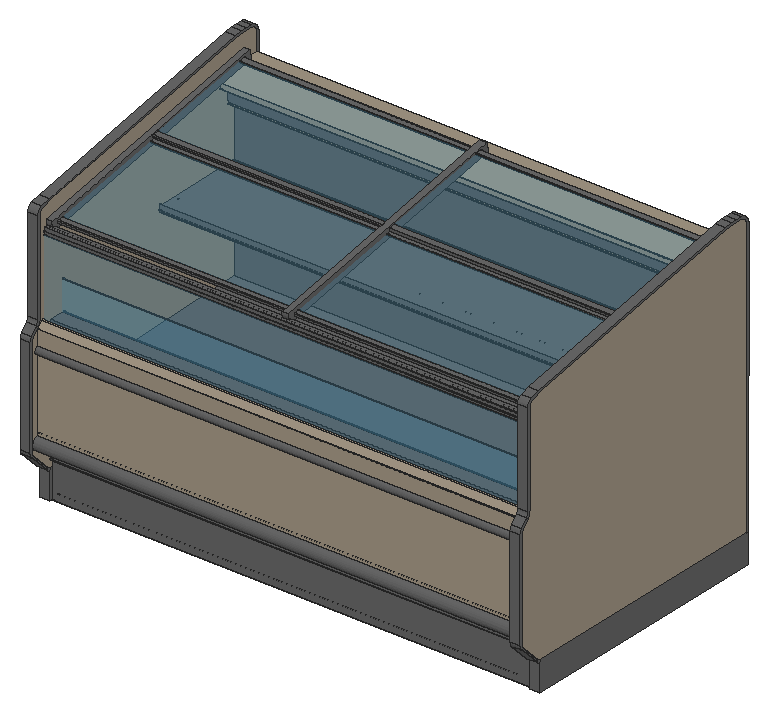
Revit family "O2DMZD - Linked Data", category Mechanical Equipment, Revit 2019
Family settings
  Round Connector Dimension = Use Radius
  Part Type = Breaks Into
  OmniClass Number = 23.40.40.11.17
  OmniClass Title = Refrigerated Cases
  Work Plane-Based = Yes
  Always vertical = No
  Cut with Voids When Loaded = No
  Shared = Yes
  Room Calculation Point = No
Parameters (values of type "06'")
  door position = 0"
  Width = 41 7/8"  # constant formula
  URL = "http://www.hillphoenix.com/?s=o2dmzd"
  Standard Power Watts = 14.3 W
  Standard Power Amps = 0.12 A
  Refgn = 22 1/2"
  RT STD END = yes
  REFRIGERATION PIPING = COPPER PIPE
  RUBBER BUMPER [instance] = BLACK
  PAINTED METAL UPPER SHELF = PAINTED SHELVES
  PAINTED METAL INTERIOR [instance] = GALVANIZED STEEL
  PAINTED METAL EXTERIOR [instance] = CHARCOAL BROWN
  Number of Fans = 2
  Model = "O2DMZD - 5 BF"  # constant formula
  Manufacturer = "HILL PHOENIX"  # constant formula
  Lights Per Row = 1
  Light Length = 60"
  Length = 72"
  Legend Number = Model  # "O2DMZD - 5 BF"
  LF STD END = yes
  Keynote = ""  # constant formula
  Item Description = Description  # "Multi-Deck Merchandiser"
  Island Superheat @ Bulb Set Point (°F) = "3-5 °F"  # constant formula
  Island Run-Off Time (Min) = "8-10 (Min)"  # constant formula
  Island Hot Gas Termination Temp (F°) = 60 °F  # constant formula
  Island Hot Gas Fail-Safe (Min) = "30 (Min)"  # constant formula
  Island Evaporator (°F) = -17 °F
  Island Electric Termination Temp (F°) = 48 °F  # constant formula
  Island Electric Fail-Safe = "45 (Min)"  # constant formula
  Island Discharge Air(°F) = -1 °F
  Island Discharge Air Velocity (FPM) = 50 FPM  # constant formula
  Island BTUH Parallel = 210  # constant formula
  Island BTUH Conventional = 215  # constant formula
  How Many Defrosts Per Day = 1  # constant formula
  High Power (Cornice) Watts = 26.3 W
  High Power (Cornice) Amps = 0.22 A
  High Efficiency Watts = 22 W
  High Efficiency Amps = 0.3 A
  Height = 43 1/2"  # constant formula
  GLASS = Glass
  EQUIPMENT MARK = Legend Number  # "O2DMZD - 5 BF"
  EQUIPMENT DESCRIPTION = Item Description  # "Multi-Deck Merchandiser"
  Door = O2DMZD - 6' : 4'
  Description = "Multi-Deck Merchandiser"  # constant formula
  Defrost (Phase 3) 240 V Watts = 2400 W
  Defrost (Phase 3) 240 V Amps = 10 A
  Defrost (Phase 3) 208 V Watts = 1800 W
  Defrost (Phase 3) 208 V Amps = 8.7 A
  Defrost (Phase 1) 240 V Watts = 2400 W
  Defrost (Phase 1) 240 V Amps = 10 A
  Defrost (Phase 1) 208 V Watts = 1800 W
  Defrost (Phase 1) 208 V Amps = 807 A
  Default Elevation = 48"
  DRAIN PIPING = yes
  DRAIN LINE = 36"
  DESIGNERS NAME = "SHIDDRAMESH"  # constant formula
  DATE = "03/29/2016"  # constant formula
  Certifications = "NSF 7, UL471, CSA"  # constant formula
  CENTER LINE = Length / 2  # 36"
  BOTTOM REFRIGERATION PIPING = yes
  BOTTOM ELECTRICAL = yes
  BASE [instance] = BLACK PAINTED METAL
  Assembly Code = ""
  Anti-Condensate Heaters Watts = 44 W
  Anti-Condensate Heaters Amps = 0.37 A
  14" Shelf = yes
Reference planes (in)
  plane 1: z = 0.01963
  plane 2 "LEFT": x = 0
  plane 3 "CASE RIGHT": x = 72
  plane 4: z = 0
  plane 5: y = -15.80744
  plane 6: x = 73.5
  plane 7: x = 36
  plane 8: y = -57.68244
  plane 9: z = 43.5
  plane 10: x = 72
  plane 11: y = -14.70588
  plane 12: x = 73.5
  plane 13: x = 36
  plane 14: y = 27.16912
  plane 15: z = 43.5
  plane 16: z = 40.25
  plane 17: through (-240, -54.44085, 39.68014) normal (0, 0.9883, 0.1523)
Forms (in)
  Extrusion 1, solid, material "BLACK PAINTED METAL" <- "BASE"
    sketch origin (0, 0.109, 0) x (0, 1, 0) y (0, 0, 1)
      loop
        line (-15.80744, 0.98) -> (-15.91644, 0.98) -> (-15.91644, 0.203)
        arc (-15.91644, 0.203) -> (-15.94397, 0.13653) -> (-16.01044, 0.109) r 0.094
        line (-16.01044, 0.109) -> (-17.38494, 0.109)
        arc (-17.38494, 0.109) -> (-17.45141, 0.13653) -> (-17.47894, 0.203) r 0.094
        line (-17.47894, 0.203) -> (-17.47894, 0.9805) -> (-17.58794, 0.9805) -> (-17.58794, 0.203)
        arc (-17.58794, 0.203) -> (-17.52848, 0.05946) -> (-17.38494, 0) r 0.203
        line (-17.38494, 0) -> (-16.01044, 0)
        arc (-16.01044, 0) -> (-15.8669, 0.05946) -> (-15.80744, 0.203) r 0.203
        line (-15.80744, 0.203) -> (-15.80744, 0.98)
      loop
        line (-46.77544, 0.98) -> (-46.77544, 0.203)
        arc (-46.77544, 0.203) -> (-46.71598, 0.05946) -> (-46.57244, 0) r 0.203
        line (-46.57244, 0) -> (-45.14716, 0)
        arc (-45.14716, 0) -> (-45.00361, 0.05946) -> (-44.94416, 0.203) r 0.203
        line (-44.94416, 0.203) -> (-44.94416, 0.9805) -> (-45.05316, 0.9805) -> (-45.05316, 0.203)
        arc (-45.05316, 0.203) -> (-45.08069, 0.13653) -> (-45.14716, 0.109) r 0.094
        line (-45.14716, 0.109) -> (-46.57244, 0.109)
        arc (-46.57244, 0.109) -> (-46.63891, 0.13653) -> (-46.66644, 0.203) r 0.094
        line (-46.66644, 0.203) -> (-46.66644, 0.98) -> (-46.77544, 0.98)
    from 0 to 72
  Extrusion 2, solid, material "BLACK PAINTED METAL" <- "BASE"
    sketch origin (0, 0, 0) x (0, 1, 0) y (0, 0, 1)
      loop
        line (-15.80744, 0.203) -> (-15.80744, 5.138) -> (-46.55744, 5.138) -> (-46.55744, 0.203)
        arc (-46.55744, 0.203) -> (-46.52991, 0.13653) -> (-46.46344, 0.109) r 0.094
        line (-46.46344, 0.109) -> (-44.94416, 0.109) -> (-44.94416, 3.76525) -> (-17.36994, 3.76525) -> (-17.36994, 0.109) -> (-15.90144, 0.109)
        arc (-15.90144, 0.109) -> (-15.83497, 0.13653) -> (-15.80744, 0.203) r 0.094
    from 0 to 72
  Extrusion 3, solid, material "BLACK PAINTED METAL" <- "BASE"
    sketch origin (0, 0, 0) x (0, 1, 0) y (0, 0, 1)
      loop
        line (-46.55744, 5.09418) -> (-52.82032, 5.09418)
        arc (-52.82032, 5.09418) -> (-52.98131, 5.03146) -> (-53.05744, 4.87636) r 0.23797
        line (-53.05744, 4.87636) -> (-53.05744, 0.46967)
        arc (-53.05744, 0.46967) -> (-52.99548, 0.34715) -> (-52.86735, 0.29781) r 0.19105
        line (-52.86735, 0.29781) -> (-50.14504, 0.29781) -> (-46.55744, 1.28229) -> (-46.55744, 5.09418)
    from 0 to 72
  Extrusion 4, solid, material "BLACK PAINTED METAL" <- "BASE"
    sketch origin (0, 0, 0) x (0, 1, 0) y (0, 0, 1)
      loop
        arc (-53.31125, 0) -> (-53.29625, 0.015) -> (-53.31125, 0.03) r 0.015
        line (-53.31125, 0.03) -> (-53.98619, 0.03)
        arc (-53.98619, 0.03) -> (-54.00829, 0.03915) -> (-54.01744, 0.06125) r 0.03125
        line (-54.01744, 0.06125) -> (-53.97744, 0.06125) -> (-53.97744, 7.92275)
        arc (-53.97744, 7.92275) -> (-54.00438, 7.9878) -> (-54.06944, 8.01475) r 0.092
        line (-54.06944, 8.01475) -> (-54.32369, 8.01475)
        arc (-54.32369, 8.01475) -> (-54.36788, 8.03306) -> (-54.38619, 8.07725) r 0.0625
        line (-54.38619, 8.07725) -> (-54.38619, 8.41573) -> (-54.44619, 8.46417) -> (-54.44619, 5.63925)
        arc (-54.44619, 5.63925) -> (-54.41619, 5.60925) -> (-54.38619, 5.63925) r 0.03
        line (-54.38619, 5.63925) -> (-54.38619, 6.0155) -> (-54.41547, 6.0324) -> (-54.41519, 8.07725)
        arc (-54.41519, 8.07725) -> (-54.38839, 8.01255) -> (-54.32369, 7.98575) r 0.0915
        line (-54.32369, 7.98575) -> (-54.06944, 7.98575)
        arc (-54.06944, 7.98575) -> (-54.02489, 7.9673) -> (-54.00644, 7.92275) r 0.063
        line (-54.00644, 7.92275) -> (-54.00644, 6.52448)
        arc (-54.00644, 6.52448) -> (-54.03497, 6.51679) -> (-54.04744, 6.49) r 0.035
        line (-54.04744, 6.49) -> (-54.04744, 0.06125)
        arc (-54.04744, 0.06125) -> (-54.0295, 0.01794) -> (-53.98619, 0) r 0.06125
        line (-53.98619, 0) -> (-53.31125, 0)
    from 0 to 72
  Extrusion 5, solid, material "BLACK PAINTED METAL" <- "BASE"
    sketch origin (0, 0.0625, 0) x (0, 1, 0) y (0, 0, 1)
      loop
        line (-56.81834, 7.90742) -> (-56.81834, 9.88603)
        arc (-56.81834, 9.88603) -> (-57.75135, 8.89672) -> (-56.81834, 7.90742) r 0.991
    from 0 to 72
  Extrusion 6, solid, material "CHARCOAL BROWN" <- "PAINTED METAL EXTERIOR"
    sketch origin (0, 0, 0) x (0, 1, 0) y (0, 0, 1)
      loop
        arc (-55.84843, 25.04463) -> (-55.89254, 25.10763) -> (-55.96682, 25.08773) r 0.06704
        line (-55.96682, 25.08773) -> (-56.7418, 24.16414)
        arc (-56.7418, 24.16414) -> (-56.75222, 24.1461) -> (-56.75584, 24.12558) r 0.06
        line (-56.75584, 24.12558) -> (-56.75584, 7.89465) -> (-55.65784, 7.89465)
        arc (-55.65784, 7.89465) -> (-55.61188, 7.91369) -> (-55.59284, 7.95965) r 0.065
        line (-55.59284, 7.95965) -> (-55.59284, 8.17865) -> (-55.62684, 8.17865) -> (-55.62684, 7.95965)
        arc (-55.62684, 7.95965) -> (-55.63592, 7.93773) -> (-55.65784, 7.92865) r 0.031
        line (-55.65784, 7.92865) -> (-56.61284, 7.92865) -> (-56.61284, 10.10165)
        arc (-56.61284, 10.10165) -> (-56.60376, 10.12357) -> (-56.58184, 10.13265) r 0.031
        line (-56.58184, 10.13265) -> (-56.45484, 10.13265)
        arc (-56.45484, 10.13265) -> (-56.40039, 10.15521) -> (-56.37784, 10.20965) r 0.077
        line (-56.37784, 10.20965) -> (-56.37784, 23.79107) -> (-55.84855, 23.79102) -> (-55.84843, 25.04463)
    from 0 to 72
  Extrusion 7, solid, material "BLACK PAINTED METAL" <- "BASE"
    sketch origin (0, 0, 0) x (0, 1, 0) y (0, 0, 1)
      loop
        arc (-56.75584, 21.94794) -> (-57.28184, 21.39369) -> (-56.75584, 20.83945) r 0.555
        line (-56.75584, 20.83945) -> (-56.75584, 21.94794)
    from 0 to 72
  Extrusion 8, solid, material "Glass" <- "GLASS"
    sketch origin (0, 0, 0) x (0, 1, 0) y (0, 0, 1)
      loop
        line (-54.57809, 36.8536) -> (-55.42984, 36.85368)
        arc (-55.42984, 36.85368) -> (-55.48428, 36.83113) -> (-55.50684, 36.77669) r 0.077
        line (-55.50684, 36.77669) -> (-55.50809, 23.79099) -> (-54.50234, 23.79089) -> (-54.5011, 36.77659)
        arc (-54.5011, 36.77659) -> (-54.52364, 36.83104) -> (-54.57809, 36.8536) r 0.077
    from 0 to 72
  Extrusion 9, solid, material "CHARCOAL BROWN" <- "PAINTED METAL EXTERIOR"
    sketch origin (0, 0, 0) x (0, 1, 0) y (0, 0, 1)
      loop
        line (-56.37784, 23.79107) -> (-56.37784, 15.4392) -> (-54.27567, 15.4392) -> (-54.27486, 23.79087) -> (-56.37784, 23.79107)
    from 0 to 72
  Extrusion 10, solid, material "CHARCOAL BROWN" <- "PAINTED METAL EXTERIOR"
    sketch origin (0, 0, 0) x (0, 1, 0) y (0, 0, 1)
      loop
        line (-54.27585, 13.51894) -> (-54.27567, 15.4392) -> (-56.37784, 15.4392) -> (-56.37784, 10.02373) -> (-50.32642, 5.138) -> (-15.80744, 5.138) -> (-15.80744, 42.301) -> (-16.25987, 42.30106) -> (-16.25985, 42.45731) -> (-17.92385, 42.4575) -> (-17.92715, 14.74476)
        arc (-17.92715, 14.74476) -> (-19.45224, 10.33757) -> (-23.67991, 8.36881) r 5.975
        line (-23.67991, 8.36881) -> (-41.15524, 7.75855) -> (-42.88756, 6.50015) -> (-42.96447, 6.49746) -> (-43.48337, 6.19788) -> (-45.85837, 6.19788) -> (-46.18262, 6.38508) -> (-46.26664, 6.38215) -> (-48.31664, 7.51854)
        arc (-48.31664, 7.51854) -> (-52.52931, 9.29244) -> (-54.27002, 13.51893) r 6
    from 0 to 72
  Extrusion 11, solid, material "BLACK PAINTED METAL" <- "BASE"
    sketch origin (0, 0, 0) x (0, 1, 0) y (0, 0, 1)
      loop
        line (-54.27585, 13.51894) -> (-54.2748, 24.46359) -> (-52.19353, 24.46364) -> (-52.19353, 15.44966)
        arc (-52.19353, 15.44966) -> (-52.11367, 15.28647) -> (-51.94442, 15.22044) r 0.25
        line (-51.94442, 15.22044) -> (-51.07542, 15.22036)
        arc (-51.07542, 15.22036) -> (-51.01814, 15.19663) -> (-50.99442, 15.13935) r 0.081
        line (-50.99442, 15.13935) -> (-50.99451, 14.28147) -> (-19.92951, 15.24717) -> (-19.92969, 14.49683) -> (-17.91548, 14.49635)
        arc (-17.91548, 14.49635) -> (-19.5365, 10.24612) -> (-23.67991, 8.36881) r 5.975
        line (-23.67991, 8.36881) -> (-41.15524, 7.75855) -> (-42.88756, 6.50015) -> (-42.96447, 6.49746) -> (-43.48337, 6.19788) -> (-45.85837, 6.19788) -> (-46.18262, 6.38508) -> (-46.26664, 6.38215) -> (-48.31664, 7.51854)
        arc (-48.31664, 7.51854) -> (-52.52931, 9.29244) -> (-54.27002, 13.51893) r 6
    from 0 to 72
  Extrusion 12, solid, material "BLACK PAINTED METAL" <- "BASE"
    sketch origin (0, 0, 0) x (0, 1, 0) y (0, 0, 1)
      loop
        line (-19.92398, 38.47058) -> (-19.92398, 14.49683) -> (-17.92718, 14.49636) -> (-17.92433, 38.47022) -> (-19.92398, 38.47058)
    from 0 to 72
  Extrusion 13, solid, material "CHARCOAL BROWN" <- "PAINTED METAL EXTERIOR"
    sketch origin (0, 0, 0) x (0, 1, 0) y (0, 0, 1)
      loop
        line (-17.92433, 38.47022) -> (-17.92385, 42.4575) -> (-16.25985, 42.45731) -> (-16.25987, 42.30106) -> (-15.80744, 42.301) -> (-15.80744, 43.5) -> (-19.03098, 43.5) -> (-22.5255, 42.2281)
        arc (-22.5255, 42.2281) -> (-22.55413, 42.20613) -> (-22.56498, 42.17172) r 0.06
        line (-22.56498, 42.17172) -> (-22.56498, 41.44318)
        arc (-22.56498, 41.44318) -> (-22.5474, 41.40075) -> (-22.50498, 41.38318) r 0.06
        line (-22.50498, 41.38318) -> (-22.12748, 41.38318) -> (-22.12748, 41.45061) -> (-21.35486, 41.45052) -> (-21.3802, 41.65728) -> (-20.44966, 41.77131) -> (-20.08476, 38.79359) -> (-20.98453, 38.68333)
        arc (-20.98453, 38.68333) -> (-21.00739, 38.68967) -> (-21.01907, 38.71033) r 0.031
        line (-21.01907, 38.71033) -> (-21.0613, 39.05497) -> (-21.08617, 39.01946) -> (-21.04785, 38.7068)
        arc (-21.04785, 38.7068) -> (-21.02525, 38.66683) -> (-20.981, 38.65454) r 0.06
        line (-20.981, 38.65454) -> (-19.92391, 38.78408) -> (-19.92398, 38.47058) -> (-17.92433, 38.47022)
    from 0 to 72
  Extrusion 14, solid
    sketch origin (0, 0, 0) x (0, 1, 0) y (0, 0, 1)
      loop
        line (-52.19381, 21.46363) -> (-52.14381, 21.46362) -> (-52.14373, 22.38262)
        arc (-52.14373, 22.38262) -> (-52.13464, 22.40454) -> (-52.11272, 22.41362) r 0.031
        line (-52.11272, 22.41362) -> (-51.89972, 22.4136)
        arc (-51.89972, 22.4136) -> (-51.84245, 22.43732) -> (-51.81872, 22.49459) r 0.081
        line (-51.81872, 22.49459) -> (-51.81853, 24.41359)
        arc (-51.81853, 24.41359) -> (-51.86853, 24.46359) -> (-51.91853, 24.4136) r 0.05
        line (-51.91853, 24.4136) -> (-51.91872, 22.4636) -> (-52.11272, 22.46362)
        arc (-52.11272, 22.46362) -> (-52.17, 22.4399) -> (-52.19373, 22.38263) r 0.081
        line (-52.19373, 22.38263) -> (-52.19381, 21.46363)
    from 0 to 72
  Extrusion 15, solid, material "Glass" <- "GLASS"
    sketch origin (0, 0, 0) x (0, 1, 0) y (0, 0, 1)
      loop
        line (-52.16785, 28.83863) -> (-52.16872, 22.46362) -> (-51.91883, 22.4636) -> (-51.91785, 28.83859)
        arc (-51.91785, 28.83859) -> (-52.04284, 28.96361) -> (-52.16785, 28.83863) r 0.125
    from 0 to 72
  Extrusion 16, solid, material "BLACK PAINTED METAL" <- "BASE"
    sketch origin (0, 0, 0) x (0, 1, 0) y (0, 0, 1)
      loop
        line (-21.3802, 41.65728) -> (-21.0153, 38.67956) -> (-20.08476, 38.79359) -> (-20.44966, 41.77131) -> (-21.3802, 41.65728)
    from 0 to 72
  Extrusion 17, solid, material "BLACK PAINTED METAL" <- "BASE", visible <- "14" Shelf"
    sketch origin (0, 0, 0) x (0, 1, 0) y (0, 0, 1)
      loop
        line (-19.9258, 30.85864) -> (-20.27891, 30.85371)
        arc (-20.27891, 30.85371) -> (-20.30159, 30.87399) -> (-20.33119, 30.88105) r 0.062
        line (-20.33119, 30.88105) -> (-33.67499, 30.69477)
        arc (-33.67499, 30.69477) -> (-33.81719, 30.75705) -> (-33.86371, 30.90515) r 0.1875
        arc (-33.86371, 30.90515) -> (-33.89272, 30.94006) -> (-33.92578, 30.90896) r 0.03116
        line (-33.92578, 30.90896) -> (-33.92578, 29.97198)
        arc (-33.92578, 29.97198) -> (-33.8675, 29.90882) -> (-33.79987, 29.96185) r 0.06337
        line (-33.79987, 29.96185) -> (-33.78962, 30.02513) -> (-33.82022, 30.03009) -> (-33.83029, 29.9679)
        arc (-33.83029, 29.9679) -> (-33.86316, 29.94194) -> (-33.89189, 29.97242) r 0.031
        line (-33.89189, 29.97242) -> (-33.89453, 30.16116)
        arc (-33.89453, 30.16116) -> (-33.8756, 30.11722) -> (-33.83116, 30.09953) r 0.0625
        line (-33.83116, 30.09953) -> (-30.55991, 30.1452)
        arc (-30.55991, 30.1452) -> (-30.50231, 30.12228) -> (-30.47779, 30.06534) r 0.081
        line (-30.47779, 30.06534) -> (-30.46906, 29.43993)
        arc (-30.46906, 29.43993) -> (-30.43171, 29.34743) -> (-30.34178, 29.30427) r 0.138
        line (-30.34178, 29.30427) -> (-24.05725, 28.81528)
        arc (-24.05725, 28.81528) -> (-23.34486, 28.65283) -> (-22.70978, 28.2915) r 2.502
        line (-22.70978, 28.2915) -> (-21.19978, 27.1103)
        arc (-21.19978, 27.1103) -> (-20.90319, 26.95043) -> (-20.57032, 26.89825) r 0.999
        line (-20.57032, 26.89825) -> (-19.92674, 26.90724) -> (-19.9258, 30.85864)
    from 0 to 72
  Extrusion 18, solid, material "BLACK PAINTED METAL" <- "BASE"
    sketch origin (0, 0, 0) x (0, 1, 0) y (0, 0, 1)
      loop
        line (-54.62679, 37.375) -> (-55.50361, 37.375)
        arc (-55.50361, 37.375) -> (-55.54808, 37.35862) -> (-55.56679, 37.31509) r 0.06
        line (-55.56679, 37.31509) -> (-55.56684, 36.85775)
        arc (-55.56684, 36.85775) -> (-55.58844, 36.82491) -> (-55.59467, 36.78609) r 0.0937
        line (-55.59467, 36.78609) -> (-55.56685, 36.25425)
        arc (-55.56685, 36.25425) -> (-55.53611, 36.22583) -> (-55.50689, 36.25582) r 0.03
        line (-55.50689, 36.25582) -> (-55.50684, 36.77669)
        arc (-55.50684, 36.77669) -> (-55.48621, 36.82914) -> (-55.43538, 36.85348) r 0.077
        line (-55.43538, 36.85348) -> (-54.50109, 36.85339)
        arc (-54.50109, 36.85339) -> (-54.45575, 36.83391) -> (-54.43868, 36.78761) r 0.0625
        line (-54.43868, 36.78761) -> (-54.4649, 36.2883) -> (-54.43374, 36.28667) -> (-54.40752, 36.78598)
        arc (-54.40752, 36.78598) -> (-54.43312, 36.85538) -> (-54.50109, 36.88459) r 0.0937
        line (-54.50109, 36.88459) -> (-54.56683, 36.8846) -> (-54.56679, 37.31499)
        arc (-54.56679, 37.31499) -> (-54.58436, 37.35742) -> (-54.62679, 37.375) r 0.06
    from 0 to 72
  Extrusion 19, solid, material "BLACK PAINTED METAL" <- "BASE", visible <- "LF STD END"
    sketch origin (0, 0, 0) x (0, 1, 0) y (0, 0, 1)
      loop
        line (-54.29344, 4.43878) -> (-54.29344, 0) -> (-15.25666, 0) -> (-15.25666, 4.43878) -> (-54.29344, 4.43878)
    from 0 to -1.5
  Extrusion 20, solid, material "BLACK PAINTED METAL" <- "BASE", visible <- "RT STD END"
    sketch origin (166, 0, 0) x (0, 1, 0) y (0, 0, 1)
      loop
        line (-54.29344, 4.43878) -> (-54.29344, 0) -> (-15.25666, 0) -> (-15.25666, 4.43878) -> (-54.29344, 4.43878)
    from -92.5 to -94
  Extrusion 21, void
    sketch origin (0, 0, 0) x (1, 0, 0) y (0, 1, 0)
      loop
        circle (36, -44.68244) r 2
    from 3.76525 to 5.138
  Extrusion 22, void
    sketch origin (0, 0, 0) x (1, 0, 0) y (0, 1, 0)
      loop
        circle (39.25, -44.68244) r 2
    from 3.76525 to 5.138
  Extrusion 23, solid, visible <- "BOTTOM ELECTRICAL"
    sketch origin (0, 0, 0) x (1, 0, 0) y (0, 1, 0)
      loop
        line (8.125, -32.18244) -> (8.125, -46.04144) -> (28.125, -46.04144) -> (28.125, -32.18244) -> (8.125, -32.18244)
    from 3.76525 to 3.51525
  Extrusion 24, solid, material "COPPER PIPE" <- "REFRIGERATION PIPING", visible <- "DRAIN PIPING"
    sketch origin (0, 0, 0) x (1, 0, 0) y (0, 1, 0)
      loop
        circle (36, -44.68244) r 1.5
    from 3.76525 to 5.138
  Extrusion 25, solid, material "COPPER PIPE" <- "REFRIGERATION PIPING", visible <- "BOTTOM REFRIGERATION PIPING"
    sketch origin (0, 0, 0) x (1, 0, 0) y (0, 1, 0)
      loop
        circle (38.16559, -44.68244) r 0.375
      loop
        circle (40.16559, -44.68244) r 0.5
    from 3.76525 to 5.138
  Extrusion 26, solid
    sketch origin (0, 0, 0) x (0, 1, 0) y (0, 0, 1)
      loop
        line (-53.05744, 7.34294) -> (-53.97744, 8.08572) -> (-53.97744, 0.03131) -> (-53.29622, 0.03131) -> (-53.29622, 0) -> (-53.05744, 0) -> (-53.05744, 7.34294)
    from 0 to 72 <- "Length"
  Extrusion 27, solid, material "BLACK PAINTED METAL" <- "BASE", visible <- "LF STD END"
    sketch origin (0, 0, 0) x (0, 1, 0) y (0, 0, 1)
      loop
        line (-15.55744, 46.09729) -> (-15.55744, 4.43878) -> (-15.25666, 4.43878) -> (-15.25666, 46.09729)
        arc (-15.25666, 46.09729) -> (-15.63765, 47.01708) -> (-16.55744, 47.39807) r 1.30078
        line (-16.55744, 47.39807) -> (-17.38386, 47.39807)
        arc (-17.38386, 47.39807) -> (-17.83308, 47.3768) -> (-18.27827, 47.31317) r 4.7534
        arc (-18.27827, 47.31317) -> (-18.87317, 47.25121) -> (-19.46399, 47.15807) r 11.37502
        line (-19.46399, 47.15807) -> (-54.45811, 40.69424)
        arc (-54.45811, 40.69424) -> (-55.14398, 40.47205) -> (-55.82894, 40.24707) r 176.60143
        arc (-55.82894, 40.24707) -> (-56.37483, 39.92171) -> (-56.61444, 39.33312) r 1
        line (-56.61444, 39.33312) -> (-56.61444, 25.2865)
        arc (-56.61444, 25.2865) -> (-56.67475, 24.94448) -> (-56.84839, 24.64372) r 1
        line (-56.84839, 24.64372) -> (-57.79148, 23.51979)
        arc (-57.79148, 23.51979) -> (-57.96513, 23.21902) -> (-58.02544, 22.877) r 1
        line (-58.02544, 22.877) -> (-58.02544, 7.922)
        arc (-58.02544, 7.922) -> (-57.95094, 7.54325) -> (-57.73854, 7.22094) r 1
        line (-57.73854, 7.22094) -> (-54.94501, 4.37941)
        arc (-54.94501, 4.37941) -> (-54.64087, 4.20029) -> (-54.29344, 4.138) r 1
        line (-54.29344, 4.138) -> (-54.29344, 4.43878)
        arc (-54.29344, 4.43878) -> (-54.53094, 4.48035) -> (-54.7402, 4.60013) r 0.69922
        line (-54.7402, 4.60013) -> (-57.52405, 7.43181)
        arc (-57.52405, 7.43181) -> (-57.67257, 7.65717) -> (-57.72466, 7.922) r 0.69922
        line (-57.72466, 7.922) -> (-57.72466, 22.877)
        arc (-57.72466, 22.877) -> (-57.68249, 23.11615) -> (-57.56107, 23.32645) r 0.69922
        line (-57.56107, 23.32645) -> (-56.61798, 24.45038)
        arc (-56.61798, 24.45038) -> (-56.3921, 24.84161) -> (-56.31366, 25.2865) r 1.30078
        line (-56.31366, 25.2865) -> (-56.31366, 39.32276)
        arc (-56.31366, 39.32276) -> (-56.13911, 39.73436) -> (-55.75088, 39.95608) r 0.69922
        arc (-55.75088, 39.95608) -> (-54.87833, 40.24223) -> (-54.00431, 40.52383) r 176.30065
        line (-54.00431, 40.52383) -> (-19.41858, 46.91223)
        arc (-19.41858, 46.91223) -> (-18.41244, 47.05093) -> (-17.39784, 47.09729) r 11.12502
        line (-17.39784, 47.09729) -> (-16.55744, 47.09729)
        arc (-16.55744, 47.09729) -> (-15.85033, 46.8044) -> (-15.55744, 46.09729) r 1
    from 0 to -1.5
  Extrusion 28, solid, material "CHARCOAL BROWN" <- "PAINTED METAL EXTERIOR", visible <- "LF STD END"
    sketch origin (0, 0, 0) x (0, 1, 0) y (0, 0, 1)
      loop
        arc (-15.55744, 46.09729) -> (-15.85033, 46.8044) -> (-16.55744, 47.09729) r 1
        line (-16.55744, 47.09729) -> (-17.39784, 47.09729)
        arc (-17.39784, 47.09729) -> (-18.41244, 47.05093) -> (-19.41858, 46.91223) r 11.12502
        line (-19.41858, 46.91223) -> (-54.00431, 40.52383)
        arc (-54.00431, 40.52383) -> (-54.87833, 40.24223) -> (-55.75088, 39.95608) r 176.30065
        arc (-55.75088, 39.95608) -> (-56.13911, 39.73436) -> (-56.31366, 39.32276) r 0.69922
        line (-56.31366, 39.32276) -> (-56.31366, 25.2865)
        arc (-56.31366, 25.2865) -> (-56.3921, 24.84161) -> (-56.61798, 24.45038) r 1.30078
        line (-56.61798, 24.45038) -> (-57.56107, 23.32645)
        arc (-57.56107, 23.32645) -> (-57.68249, 23.11615) -> (-57.72466, 22.877) r 0.69922
        line (-57.72466, 22.877) -> (-57.72466, 7.922)
        arc (-57.72466, 7.922) -> (-57.67257, 7.65717) -> (-57.52405, 7.43181) r 0.69922
        line (-57.52405, 7.43181) -> (-54.7402, 4.60013)
        arc (-54.7402, 4.60013) -> (-54.53094, 4.48035) -> (-54.29344, 4.43878) r 0.69922
        line (-54.29344, 4.43878) -> (-15.55744, 4.43878) -> (-15.55744, 46.09729)
    from 0 to -1.5
  Extrusion 29, solid, material "BLACK PAINTED METAL" <- "BASE", visible <- "RT STD END"
    sketch origin (166, 0, 0) x (0, 1, 0) y (0, 0, 1)
      loop
        line (-15.55744, 46.09729) -> (-15.55744, 4.43878) -> (-15.25666, 4.43878) -> (-15.25666, 46.09729)
        arc (-15.25666, 46.09729) -> (-15.63765, 47.01708) -> (-16.55744, 47.39807) r 1.30078
        line (-16.55744, 47.39807) -> (-17.38386, 47.39807)
        arc (-17.38386, 47.39807) -> (-17.83308, 47.3768) -> (-18.27827, 47.31317) r 4.7534
        arc (-18.27827, 47.31317) -> (-18.87317, 47.25121) -> (-19.46399, 47.15807) r 11.37502
        line (-19.46399, 47.15807) -> (-54.45811, 40.69424)
        arc (-54.45811, 40.69424) -> (-55.14398, 40.47205) -> (-55.82894, 40.24707) r 176.60143
        arc (-55.82894, 40.24707) -> (-56.37483, 39.92171) -> (-56.61444, 39.33312) r 1
        line (-56.61444, 39.33312) -> (-56.61444, 25.2865)
        arc (-56.61444, 25.2865) -> (-56.67475, 24.94448) -> (-56.84839, 24.64372) r 1
        line (-56.84839, 24.64372) -> (-57.79148, 23.51979)
        arc (-57.79148, 23.51979) -> (-57.96513, 23.21902) -> (-58.02544, 22.877) r 1
        line (-58.02544, 22.877) -> (-58.02544, 7.922)
        arc (-58.02544, 7.922) -> (-57.95094, 7.54325) -> (-57.73854, 7.22094) r 1
        line (-57.73854, 7.22094) -> (-54.94501, 4.37941)
        arc (-54.94501, 4.37941) -> (-54.64087, 4.20029) -> (-54.29344, 4.138) r 1
        line (-54.29344, 4.138) -> (-54.29344, 4.43878)
        arc (-54.29344, 4.43878) -> (-54.53094, 4.48035) -> (-54.7402, 4.60013) r 0.69922
        line (-54.7402, 4.60013) -> (-57.52405, 7.43181)
        arc (-57.52405, 7.43181) -> (-57.67257, 7.65717) -> (-57.72466, 7.922) r 0.69922
        line (-57.72466, 7.922) -> (-57.72466, 22.877)
        arc (-57.72466, 22.877) -> (-57.68249, 23.11615) -> (-57.56107, 23.32645) r 0.69922
        line (-57.56107, 23.32645) -> (-56.61798, 24.45038)
        arc (-56.61798, 24.45038) -> (-56.3921, 24.84161) -> (-56.31366, 25.2865) r 1.30078
        line (-56.31366, 25.2865) -> (-56.31366, 39.32276)
        arc (-56.31366, 39.32276) -> (-56.13911, 39.73436) -> (-55.75088, 39.95608) r 0.69922
        arc (-55.75088, 39.95608) -> (-54.87833, 40.24223) -> (-54.00431, 40.52383) r 176.30065
        line (-54.00431, 40.52383) -> (-19.41858, 46.91223)
        arc (-19.41858, 46.91223) -> (-18.41244, 47.05093) -> (-17.39784, 47.09729) r 11.12502
        line (-17.39784, 47.09729) -> (-16.55744, 47.09729)
        arc (-16.55744, 47.09729) -> (-15.85033, 46.8044) -> (-15.55744, 46.09729) r 1
    from -92.5 to -94
  Extrusion 30, solid, material "CHARCOAL BROWN" <- "PAINTED METAL EXTERIOR", visible <- "RT STD END"
    sketch origin (217, 0, 0) x (0, 1, 0) y (0, 0, 1)
      loop
        arc (-15.55744, 46.09729) -> (-15.85033, 46.8044) -> (-16.55744, 47.09729) r 1
        line (-16.55744, 47.09729) -> (-17.39784, 47.09729)
        arc (-17.39784, 47.09729) -> (-18.41244, 47.05093) -> (-19.41858, 46.91223) r 11.12502
        line (-19.41858, 46.91223) -> (-54.00431, 40.52383)
        arc (-54.00431, 40.52383) -> (-54.87833, 40.24223) -> (-55.75088, 39.95608) r 176.30065
        arc (-55.75088, 39.95608) -> (-56.13911, 39.73436) -> (-56.31366, 39.32276) r 0.69922
        line (-56.31366, 39.32276) -> (-56.31366, 25.2865)
        arc (-56.31366, 25.2865) -> (-56.3921, 24.84161) -> (-56.61798, 24.45038) r 1.30078
        line (-56.61798, 24.45038) -> (-57.56107, 23.32645)
        arc (-57.56107, 23.32645) -> (-57.68249, 23.11615) -> (-57.72466, 22.877) r 0.69922
        line (-57.72466, 22.877) -> (-57.72466, 7.922)
        arc (-57.72466, 7.922) -> (-57.67257, 7.65717) -> (-57.52405, 7.43181) r 0.69922
        line (-57.52405, 7.43181) -> (-54.7402, 4.60013)
        arc (-54.7402, 4.60013) -> (-54.53094, 4.48035) -> (-54.29344, 4.43878) r 0.69922
        line (-54.29344, 4.43878) -> (-15.55744, 4.43878) -> (-15.55744, 46.09729)
    from -143.5 to -145
Cuts and joins
  Extrusion 21, Extrusion 22 cuts Extrusion 1
  Extrusion 21, Extrusion 22 cuts Extrusion 2
Lines and regions (in)
  model lines
    curve 1: circle (36, -44.68045, 0) r 0.75 normal (0, 0, 1)
    curve 2: line (0, -54.67485, 40.19383) -> (0, -19.23991, 46.73908)
    curve 3: arc (0, -18.68393, 46.67999) -> (0, -18.95763, 46.74992) -> (0, -19.23991, 46.73908) r 0.98238
    curve 4: arc (0, -18.30723, 46.40249) -> (0, -18.47882, 46.56399) -> (0, -18.68393, 46.67999) r 0.98238
    curve 5: arc (0, -18.30723, 46.40249) -> (0, -18.02471, 45.7733) -> (0, -18.11054, 45.08894) r 1.27717
    curve 6: arc (0, -55.17303, 39.94001) -> (0, -54.94238, 40.10311) -> (0, -54.67485, 40.19383) r 0.98238
    curve 7: arc (0, -55.42574, 39.54626) -> (0, -55.32317, 39.7584) -> (0, -55.17303, 39.94001) r 0.98238
    curve 8: arc (0, -55.42574, 39.54626) -> (0, -55.46485, 38.85765) -> (0, -55.1402, 38.24912) r 1.27717
Dimensions and locks (in)
  "Length": plane 2 "LEFT" to plane 3 "CASE RIGHT"
  "DRAIN LINE": plane 2 "LEFT" to plane 7
  locked: plane 3 "CASE RIGHT" to plane 6 at 1.5
  "Width": plane 5 to plane 8
  "door position": nested 1 to plane 2 "LEFT"
  locked: plane 10 to plane 12 at 1.5
  "Length": plane 10 to plane 2 "LEFT"
  Extrusion 18 to Extrusion 6 = 12.26333"  (x2)
  plane 2 "LEFT" to plane 3 "CASE RIGHT" = 72"
  locked: Extrusion 29 to Extrusion 29 at 1.5  (x2)
  locked: Extrusion 30 to Extrusion 30 at 1.5  (x2)
  cut or joined group of Extrusion 2, Extrusion 21, Extrusion 22 to Extrusion 19 = 38.486"
  cut or joined group of Extrusion 2, Extrusion 21, Extrusion 22 to cut or joined group of Extrusion 2, Extrusion 21, Extrusion 22 = 30 3/4"
  cut or joined group of Extrusion 2, Extrusion 21, Extrusion 22 to Extrusion 26 = 6 1/2"
  Extrusion 6 to level = 25.11167"
  Extrusion 18 to level = 37 3/8"
  plane 16 to Extrusion 19 = 40 1/4"
  Extrusion 12 to Extrusion 11 = 32 69/256"
  Extrusion 12 to Extrusion 17 = 14.0018"
  Extrusion 11 to Extrusion 13 = 23.22341"
  Extrusion 19 to Extrusion 13 = 43 1/2"
  nested 1 to plane 17 = 18.08825"
  curve 3 to level = 46.75543"
  aligned and locked: Extrusion 10 sketch curve to Extrusion 6
  aligned: plane 6 to Extrusion 11
  aligned and locked: plane 3 "CASE RIGHT" to Extrusion 10
  aligned and locked: plane 3 "CASE RIGHT" to Extrusion 11
  aligned and locked: plane 3 "CASE RIGHT" to Extrusion 2
  aligned and locked: plane 3 "CASE RIGHT" to Extrusion 17
  aligned and locked: plane 3 "CASE RIGHT" to Extrusion 13
  aligned and locked: plane 3 "CASE RIGHT" to Extrusion 16
  aligned and locked: plane 3 "CASE RIGHT" to Extrusion 12
  aligned and locked: plane 3 "CASE RIGHT" to Extrusion 1
  aligned and locked: plane 3 "CASE RIGHT" to Extrusion 3
  aligned and locked: plane 3 "CASE RIGHT" to Extrusion 8
  aligned and locked: plane 3 "CASE RIGHT" to Extrusion 6
  aligned and locked: plane 3 "CASE RIGHT" to Extrusion 5
  aligned and locked: plane 3 "CASE RIGHT" to Extrusion 9
  aligned and locked: plane 3 "CASE RIGHT" to Extrusion 15
  aligned and locked: plane 3 "CASE RIGHT" to Extrusion 4
  aligned and locked: plane 3 "CASE RIGHT" to Extrusion 14
  aligned and locked: plane 3 "CASE RIGHT" to Extrusion 7
  aligned and locked: plane 3 "CASE RIGHT" to Extrusion 18
  aligned and locked: Extrusion 20 to plane 3 "CASE RIGHT"
  aligned and locked: plane 6 to Extrusion 20
  aligned and locked: level to Extrusion 19
  aligned and locked: Extrusion 29 to plane 3 "CASE RIGHT"
  aligned and locked: Extrusion 30 to plane 3 "CASE RIGHT"
Automatic sketch dimensions
  curve 1 to plane 7 = 0"
  curve 1 to plane 8 = 13.00199"
  Extrusion 1 sketch curve to Extrusion 1 sketch curve = 0"  (x8)
  Extrusion 1 sketch curve to level = 0"  (x2)
  plane 1 to Extrusion 1 sketch curve = 0.96037"
  Extrusion 1 sketch curve to plane 8 = 11.016"
  Extrusion 1 sketch curve to Extrusion 1 sketch curve = 0.109"  (x2)
  Extrusion 1 sketch curve to Extrusion 1 sketch curve = 0.094"  (x2)
  plane 1 to Extrusion 1 sketch curve = 0.18337"  (x2)
  Extrusion 1 sketch curve to Extrusion 1 sketch curve = 1.42528"
  plane 5 to Extrusion 1 sketch curve = 1.6715"
  Extrusion 1 sketch curve to plane 11 = 1.19556"
  Extrusion 1 sketch curve to Extrusion 1 sketch curve = 0.777"
  Extrusion 1 sketch curve to Extrusion 1 sketch curve = 0.7775"  (x2)
  Extrusion 2 sketch curve to plane 5 = 0"
  plane 5 to Extrusion 2 sketch curve = 0.094"
  plane 1 to Extrusion 2 sketch curve = 0.08937"  (x2)
  Extrusion 2 sketch curve to Extrusion 2 sketch curve = 1.4685"
  Extrusion 2 sketch curve to plane 8 = 12 189/256"
  plane 1 to Extrusion 2 sketch curve = 0.18337"
  Extrusion 2 sketch curve to Extrusion 2 sketch curve = 1.51928"
  Extrusion 2 sketch curve to Extrusion 2 sketch curve = 3 21/32"
  Extrusion 2 sketch curve to Extrusion 2 sketch curve = 1.37275"
  Extrusion 3 sketch curve to plane 8 = 4 5/8"
  Extrusion 3 sketch curve to Extrusion 3 sketch curve = 0.19008"
  Extrusion 3 sketch curve to Extrusion 3 sketch curve = 0.23712"
  plane 1 to Extrusion 3 sketch curve = 0.27818"
  Extrusion 3 sketch curve to Extrusion 3 sketch curve = 2.72232"
  Extrusion 3 sketch curve to Extrusion 3 sketch curve = 3.5876"
  Extrusion 3 sketch curve to Extrusion 3 sketch curve = 11/64"
  plane 1 to Extrusion 3 sketch curve = 1.26266"
  Extrusion 3 sketch curve to Extrusion 3 sketch curve = 4.36734"
  Extrusion 3 sketch curve to Extrusion 3 sketch curve = 0.02015"
  Extrusion 4 sketch curve to Extrusion 4 sketch curve = 0"  (x7)
  Extrusion 4 sketch curve to level = 0"
  Extrusion 4 sketch curve to plane 8 = 3.23625"
  Extrusion 4 sketch curve to Extrusion 4 sketch curve = 0.03"  (x2)
  Extrusion 4 sketch curve to Extrusion 4 sketch curve = 0.02928"
  Extrusion 4 sketch curve to Extrusion 4 sketch curve = 0.06"
  Extrusion 4 sketch curve to Extrusion 4 sketch curve = 1/16"
  Extrusion 4 sketch curve to Extrusion 4 sketch curve = 0.25425"
  Extrusion 4 sketch curve to Extrusion 4 sketch curve = 0.33875"
  Extrusion 4 sketch curve to Extrusion 4 sketch curve = 0.035"
  Extrusion 4 sketch curve to Extrusion 4 sketch curve = 0.006"
  Extrusion 4 sketch curve to Extrusion 4 sketch curve = 1/32"
  Extrusion 4 sketch curve to Extrusion 4 sketch curve = 0.029"
  Extrusion 4 sketch curve to Extrusion 4 sketch curve = 0.66619"
  Extrusion 4 sketch curve to Extrusion 4 sketch curve = 5.578"
  Extrusion 4 sketch curve to Extrusion 4 sketch curve = 0.37625"
  Extrusion 4 sketch curve to Extrusion 4 sketch curve = 0.0169"
  Extrusion 4 sketch curve to Extrusion 4 sketch curve = 0.4745"
  Extrusion 4 sketch curve to Extrusion 4 sketch curve = 1.39827"
  Extrusion 4 sketch curve to Extrusion 4 sketch curve = 0.33848"
  Extrusion 4 sketch curve to Extrusion 4 sketch curve = 0.04844"
  Extrusion 5 sketch curve to plane 8 = 0.9266"
  Extrusion 5 sketch curve to plane 8 = 0.98459"
  plane 1 to Extrusion 5 sketch curve = 7.88778"
  Extrusion 5 sketch curve to Extrusion 5 sketch curve = 0.9893"
  Extrusion 6 sketch curve to Extrusion 6 sketch curve = 0"  (x3)
  Extrusion 6 sketch curve to plane 8 = 0.9266"
  Extrusion 6 sketch curve to Extrusion 6 sketch curve = 0.01404"
  Extrusion 6 sketch curve to Extrusion 6 sketch curve = 0.04596"
  Extrusion 6 sketch curve to plane 8 = 1.0696"
  Extrusion 6 sketch curve to Extrusion 6 sketch curve = 0.031"  (x2)
  Extrusion 6 sketch curve to Extrusion 6 sketch curve = 0.127"
  Extrusion 6 sketch curve to Extrusion 6 sketch curve = 0.318"
  Extrusion 6 sketch curve to Extrusion 6 sketch curve = 0.77498"
  Extrusion 6 sketch curve to Extrusion 6 sketch curve = 0.05135"
  Extrusion 6 sketch curve to Extrusion 6 sketch curve = 0.52929"
  Extrusion 6 sketch curve to Extrusion 6 sketch curve = 0.06704"
  Extrusion 6 sketch curve to Extrusion 6 sketch curve = 0.955"
  Extrusion 6 sketch curve to Extrusion 6 sketch curve = 0.034"
  plane 1 to Extrusion 6 sketch curve = 7.87502"
  Extrusion 6 sketch curve to Extrusion 6 sketch curve = 0.219"
  Extrusion 6 sketch curve to Extrusion 6 sketch curve = 1.923"
  Extrusion 6 sketch curve to Extrusion 6 sketch curve = 13.58137"
  Extrusion 6 sketch curve to Extrusion 6 sketch curve = 0.00005"
  Extrusion 6 sketch curve to Extrusion 6 sketch curve = 0.3345"
  Extrusion 7 sketch curve to plane 8 = 0.9266"
  Extrusion 7 sketch curve to Extrusion 7 sketch curve = 0.029"
  plane 1 to Extrusion 7 sketch curve = 20.81982"
  Extrusion 7 sketch curve to Extrusion 7 sketch curve = 0.55424"
  Extrusion 8 sketch curve to plane 8 = 2.17435"
  Extrusion 8 sketch curve to plane 8 = 2.1756"
  Extrusion 8 sketch curve to Extrusion 8 sketch curve = 0.077"  (x2)
  Extrusion 8 sketch curve to Extrusion 8 sketch curve = 0"  (x4)
  Extrusion 8 sketch curve to Extrusion 8 sketch curve = 0.85175"
  Extrusion 8 sketch curve to Extrusion 8 sketch curve = 1.00575"
  plane 9 to Extrusion 8 sketch curve = 19.70911"
  plane 9 to Extrusion 8 sketch curve = 6.72341"
  Extrusion 9 sketch curve to plane 8 = 1.3046"
  Extrusion 9 sketch curve to Extrusion 9 sketch curve = 2.10217"
  Extrusion 9 sketch curve to Extrusion 9 sketch curve = 2.10297"
  plane 1 to Extrusion 9 sketch curve = 15.41957"
  Extrusion 9 sketch curve to Extrusion 9 sketch curve = 8.35167"
  Extrusion 10 sketch curve to plane 5 = 0"
  Extrusion 10 sketch curve to Extrusion 10 sketch curve = 2.10217"
  Extrusion 10 sketch curve to plane 8 = 7.35601"
  Extrusion 10 sketch curve to Extrusion 10 sketch curve = 2.00978"
  Extrusion 10 sketch curve to Extrusion 10 sketch curve = 0.04662"
  Extrusion 10 sketch curve to Extrusion 10 sketch curve = 2.05001"
  Extrusion 10 sketch curve to Extrusion 10 sketch curve = 0.08402"
  Extrusion 10 sketch curve to Extrusion 10 sketch curve = 0.32425"
  plane 1 to Extrusion 10 sketch curve = 6.17825"
  Extrusion 10 sketch curve to Extrusion 10 sketch curve = 2 3/8"
  plane 1 to Extrusion 10 sketch curve = 6.47783"
  Extrusion 10 sketch curve to Extrusion 10 sketch curve = 0.5189"
  plane 1 to Extrusion 10 sketch curve = 6.48052"
  Extrusion 10 sketch curve to Extrusion 10 sketch curve = 0.07691"
  plane 1 to Extrusion 10 sketch curve = 7.73892"
  Extrusion 10 sketch curve to Extrusion 10 sketch curve = 1.73232"
  plane 5 to Extrusion 10 sketch curve = 8.081"
  Extrusion 10 sketch curve to Extrusion 10 sketch curve = 0.20852"
  plane 5 to Extrusion 10 sketch curve = 2.11971"
  plane 9 to Extrusion 10 sketch curve = 1.0425"
  plane 5 to Extrusion 10 sketch curve = 2.11641"
  plane 5 to Extrusion 10 sketch curve = 0.45243"
  Extrusion 10 sketch curve to Extrusion 10 sketch curve = 0"  (x2)
  plane 1 to Extrusion 10 sketch curve = 5.11837"
  Extrusion 10 sketch curve to Extrusion 10 sketch curve = 0.18427"
  Extrusion 10 sketch curve to Extrusion 10 sketch curve = 0.00293"
  Extrusion 10 sketch curve to Extrusion 10 sketch curve = 1.13639"
  plane 1 to Extrusion 10 sketch curve = 8.34917"
  Extrusion 10 sketch curve to Extrusion 10 sketch curve = 4.88573"
  Extrusion 10 sketch curve to Extrusion 10 sketch curve = 5.99982"
  Extrusion 10 sketch curve to Extrusion 10 sketch curve = 5.97136"
  Extrusion 10 sketch curve to Extrusion 10 sketch curve = 5.41547"
  Extrusion 10 sketch curve to Extrusion 10 sketch curve = 0.00018"
  Extrusion 10 sketch curve to Extrusion 10 sketch curve = 0.00583"
  Extrusion 13 sketch curve to Extrusion 13 sketch curve = 0"  (x4)
  plane 9 to Extrusion 13 sketch curve = 0"
  Extrusion 13 sketch curve to plane 5 = 0"
  plane 5 to Extrusion 13 sketch curve = 0.45241"
  plane 9 to Extrusion 13 sketch curve = 1.0425"
  Extrusion 13 sketch curve to Extrusion 13 sketch curve = 1.664"
  plane 5 to Extrusion 13 sketch curve = 2.11689"
  Extrusion 13 sketch curve to Extrusion 13 sketch curve = 1.10713"
  Extrusion 13 sketch curve to Extrusion 13 sketch curve = 1.99958"
  Extrusion 13 sketch curve to Extrusion 13 sketch curve = 0.00007"
  Extrusion 13 sketch curve to Extrusion 13 sketch curve = 0.16085"
  plane 9 to Extrusion 13 sketch curve = 1.72869"
  Extrusion 13 sketch curve to Extrusion 13 sketch curve = 1.41867"
  Extrusion 13 sketch curve to Extrusion 13 sketch curve = 0.89624"
  Extrusion 13 sketch curve to Extrusion 13 sketch curve = 0.00353"
  Extrusion 13 sketch curve to Extrusion 13 sketch curve = 0.00377"
  Extrusion 13 sketch curve to Extrusion 13 sketch curve = 0.03077"
  Extrusion 13 sketch curve to Extrusion 13 sketch curve = 0.02878"  (x2)
  Extrusion 13 sketch curve to Extrusion 13 sketch curve = 0.04223"
  Extrusion 13 sketch curve to Extrusion 13 sketch curve = 0.02487"
  plane 9 to Extrusion 13 sketch curve = 2.04948"
  Extrusion 13 sketch curve to Extrusion 13 sketch curve = 0.9052"
  level to Extrusion 13 sketch curve = 41.65728"
  plane 9 to Extrusion 13 sketch curve = 2.04939"
  Extrusion 13 sketch curve to Extrusion 13 sketch curve = 0.77262"
  Extrusion 13 sketch curve to Extrusion 13 sketch curve = 0.3775"
  plane 9 to Extrusion 13 sketch curve = 1.2719"
  Extrusion 13 sketch curve to Extrusion 13 sketch curve = 0.02052"
  Extrusion 13 sketch curve to Extrusion 13 sketch curve = 0.06"
  Extrusion 13 sketch curve to Extrusion 13 sketch curve = 0.32301"
  Extrusion 13 sketch curve to Extrusion 13 sketch curve = 0.00036"
  Extrusion 13 sketch curve to Extrusion 13 sketch curve = 0.02347"
  Extrusion 13 sketch curve to Extrusion 13 sketch curve = 0.00951"
  Extrusion 13 sketch curve to Extrusion 13 sketch curve = 0.31266"
  Extrusion 13 sketch curve to Extrusion 13 sketch curve = 0.03551"
  Extrusion 13 sketch curve to Extrusion 13 sketch curve = 0.06744"
  Extrusion 14 sketch curve to Extrusion 14 sketch curve = 0"  (x6)
  Extrusion 14 sketch curve to plane 8 = 5.48862"
  Extrusion 14 sketch curve to Extrusion 14 sketch curve = 0.00009"
  Extrusion 14 sketch curve to Extrusion 14 sketch curve = 0.05"  (x5)
  Extrusion 14 sketch curve to Extrusion 14 sketch curve = 0.031"
  Extrusion 14 sketch curve to Extrusion 14 sketch curve = 0.194"
  Extrusion 14 sketch curve to Extrusion 14 sketch curve = 0.00019"
  Extrusion 14 sketch curve to Extrusion 14 sketch curve = 0.019"  (x2)
  Extrusion 14 sketch curve to Extrusion 14 sketch curve = 0.081"
  plane 1 to Extrusion 14 sketch curve = 21.44399"
  Extrusion 14 sketch curve to Extrusion 14 sketch curve = 0.919"
  Extrusion 14 sketch curve to Extrusion 14 sketch curve = 0.03099"
  Extrusion 14 sketch curve to Extrusion 14 sketch curve = 1.919"
  Extrusion 15 sketch curve to plane 8 = 5.51372"
  Extrusion 15 sketch curve to plane 8 = 5.51458"
  Extrusion 15 sketch curve to Extrusion 15 sketch curve = 1/8"  (x2)
  Extrusion 15 sketch curve to Extrusion 15 sketch curve = 0.24989"
  plane 9 to Extrusion 15 sketch curve = 21.0364"
  Extrusion 15 sketch curve to Extrusion 15 sketch curve = 0.00002"
  Extrusion 15 sketch curve to Extrusion 15 sketch curve = 6 3/8"
  Extrusion 15 sketch curve to Extrusion 15 sketch curve = 0"
  plane 9 to Extrusion 16 sketch curve = 1.84272"
  plane 5 to Extrusion 16 sketch curve = 5.57276"
  Extrusion 16 sketch curve to Extrusion 16 sketch curve = 0.3649"
  plane 9 to Extrusion 16 sketch curve = 1.72869"
  Extrusion 16 sketch curve to Extrusion 16 sketch curve = 0.93054"
  Extrusion 18 sketch curve to Extrusion 18 sketch curve = 0"  (x6)
  Extrusion 18 sketch curve to plane 8 = 2.08777"
  Extrusion 18 sketch curve to Extrusion 18 sketch curve = 0.02782"
  Extrusion 18 sketch curve to Extrusion 18 sketch curve = 0.02783"
  Extrusion 18 sketch curve to Extrusion 18 sketch curve = 0.00004"
  Extrusion 18 sketch curve to Extrusion 18 sketch curve = 0.02996"
  Extrusion 18 sketch curve to Extrusion 18 sketch curve = 0.03"
  Extrusion 18 sketch curve to Extrusion 18 sketch curve = 0.08782"
  Extrusion 18 sketch curve to Extrusion 18 sketch curve = 0.06"  (x2)
  Extrusion 18 sketch curve to Extrusion 18 sketch curve = 0.00319"
  Extrusion 18 sketch curve to Extrusion 18 sketch curve = 0.00575"
  Extrusion 18 sketch curve to Extrusion 18 sketch curve = 0.06571"
  Extrusion 18 sketch curve to Extrusion 18 sketch curve = 0.07125"
  Extrusion 18 sketch curve to Extrusion 18 sketch curve = 0.87681"
  Extrusion 18 sketch curve to Extrusion 18 sketch curve = 0.05996"
  Extrusion 18 sketch curve to Extrusion 18 sketch curve = 0.06574"
  Extrusion 18 sketch curve to Extrusion 18 sketch curve = 0.0362"
  Extrusion 18 sketch curve to Extrusion 18 sketch curve = 0.06241"
  Extrusion 18 sketch curve to Extrusion 18 sketch curve = 0.03116"  (x2)
  plane 9 to Extrusion 18 sketch curve = 7.24575"
  Extrusion 18 sketch curve to Extrusion 18 sketch curve = 0.00156"
  Extrusion 18 sketch curve to Extrusion 18 sketch curve = 0.03085"
  Extrusion 18 sketch curve to Extrusion 18 sketch curve = 0.00164"
  Extrusion 18 sketch curve to Extrusion 18 sketch curve = 0.52087"
  Extrusion 18 sketch curve to Extrusion 18 sketch curve = 0.0094"
  Extrusion 18 sketch curve to Extrusion 18 sketch curve = 0.00328"
  Extrusion 18 sketch curve to Extrusion 18 sketch curve = 0.0143"
  Extrusion 18 sketch curve to Extrusion 18 sketch curve = 0.4304"
  Extrusion 18 sketch curve to Extrusion 18 sketch curve = 0.05992"
  Extrusion 19 sketch curve to level = 0"
  Extrusion 19 sketch curve to plane 8 = 3.389"
  Extrusion 19 sketch curve to plane 5 = 141/256"
  plane 1 to Extrusion 19 sketch curve = 4.41915"
  Extrusion 20 sketch curve to level = 0"
  Extrusion 20 sketch curve to plane 8 = 3.389"
  Extrusion 20 sketch curve to plane 5 = 141/256"
  plane 1 to Extrusion 20 sketch curve = 4.41915"
  Extrusion 21 sketch curve to plane 7 = 0"
  Extrusion 21 sketch curve to plane 8 = 13"
  plane 7 to Extrusion 22 sketch curve = 3 1/4"
  Extrusion 22 sketch curve to plane 8 = 13"
  plane 2 "LEFT" to Extrusion 23 sketch curve = 8 1/8"
  Extrusion 23 sketch curve to plane 7 = 7 7/8"
  Extrusion 23 sketch curve to plane 8 = 11.641"
  Extrusion 23 sketch curve to Extrusion 23 sketch curve = 13.859"
  Extrusion 24 sketch curve to plane 7 = 0"
  Extrusion 24 sketch curve to plane 8 = 13"
  plane 7 to Extrusion 25 sketch curve = 2.16559"
  Extrusion 25 sketch curve to Extrusion 25 sketch curve = 2"
  Extrusion 25 sketch curve to plane 8 = 13"
  Extrusion 25 sketch curve to Extrusion 25 sketch curve = 0"
  Extrusion 26 sketch curve to level = 0"
  Extrusion 26 sketch curve to plane 8 = 3.705"
  plane 1 to Extrusion 26 sketch curve = 0.01168"
  Extrusion 26 sketch curve to Extrusion 26 sketch curve = 0.68121"
  Extrusion 26 sketch curve to Extrusion 26 sketch curve = 0.23879"
  Extrusion 26 sketch curve to Extrusion 26 sketch curve = 7.31163"
  Extrusion 26 sketch curve to Extrusion 26 sketch curve = 0.74278"
  Extrusion 27 sketch curve to Extrusion 27 sketch curve = 0"  (x16)
  plane 8 to Extrusion 27 sketch curve = 0.343"
  plane 8 to Extrusion 27 sketch curve = 0.10904"
  plane 8 to Extrusion 27 sketch curve = 0.0561"
  plane 8 to Extrusion 27 sketch curve = 0.04222"
  Extrusion 27 sketch curve to plane 8 = 0.068"
  Extrusion 27 sketch curve to plane 8 = 0.12137"
  Extrusion 27 sketch curve to plane 8 = 0.15838"
  Extrusion 27 sketch curve to plane 8 = 0.657"  (x2)
  Extrusion 27 sketch curve to plane 8 = 0.83404"
  Extrusion 27 sketch curve to Extrusion 27 sketch curve = 0.23041"
  Extrusion 27 sketch curve to plane 8 = 1.068"
  Extrusion 27 sketch curve to Extrusion 27 sketch curve = 77/256"  (x3)
  Extrusion 27 sketch curve to Extrusion 27 sketch curve = 0.69722"
  Extrusion 27 sketch curve to plane 8 = 2.73743"
  Extrusion 27 sketch curve to Extrusion 27 sketch curve = 0.2048"
  Extrusion 27 sketch curve to Extrusion 27 sketch curve = 1.15833"
  Extrusion 27 sketch curve to Extrusion 27 sketch curve = 0.44677"
  plane 5 to Extrusion 27 sketch curve = 3.65656"
  Extrusion 27 sketch curve to Extrusion 27 sketch curve = 0.04541"
  plane 5 to Extrusion 27 sketch curve = 1.59041"
  Extrusion 27 sketch curve to Extrusion 27 sketch curve = 0.01398"
  plane 5 to Extrusion 27 sketch curve = 3/4"
  Extrusion 27 sketch curve to plane 5 = 1/4"
  plane 11 to Extrusion 27 sketch curve = 14.32979"
  Extrusion 27 sketch curve to level = 127.42239"
  plane 1 to Extrusion 27 sketch curve = 4.11837"
  Extrusion 27 sketch curve to Extrusion 27 sketch curve = 0.24141"
  plane 1 to Extrusion 27 sketch curve = 4.41915"
  Extrusion 27 sketch curve to Extrusion 27 sketch curve = 2.62081"
  Extrusion 27 sketch curve to Extrusion 27 sketch curve = 14.955"
  Extrusion 27 sketch curve to Extrusion 27 sketch curve = 1.12393"
  plane 9 to Extrusion 27 sketch curve = 7.52773"
  plane 9 to Extrusion 27 sketch curve = 4.23009"
  Extrusion 27 sketch curve to Extrusion 27 sketch curve = 0.05285"
  Extrusion 27 sketch curve to Extrusion 27 sketch curve = 0.01037"
  Extrusion 27 sketch curve to Extrusion 27 sketch curve = 1.42433"
  plane 9 to Extrusion 27 sketch curve = 0.85533"
  Extrusion 27 sketch curve to plane 9 = 2.59729"
  Extrusion 27 sketch curve to Extrusion 27 sketch curve = 0.24584"
  Extrusion 27 sketch curve to Extrusion 27 sketch curve = 0.07806"
  Extrusion 27 sketch curve to Extrusion 27 sketch curve = 0.45342"
  Extrusion 27 sketch curve to Extrusion 27 sketch curve = 0.00038"
  Extrusion 27 sketch curve to Extrusion 27 sketch curve = 0.00007"
  plane 8 to Extrusion 28 sketch curve = 0.04222"
  Extrusion 28 sketch curve to plane 8 = 0.068"
  Extrusion 28 sketch curve to plane 8 = 0.12137"
  Extrusion 28 sketch curve to plane 8 = 0.15838"
  Extrusion 28 sketch curve to plane 8 = 0.657"  (x2)
  Extrusion 28 sketch curve to plane 8 = 1.06446"
  Extrusion 28 sketch curve to plane 8 = 1.36878"
  Extrusion 28 sketch curve to Extrusion 28 sketch curve = 0.69722"
  Extrusion 28 sketch curve to plane 8 = 2.94223"
  Extrusion 28 sketch curve to Extrusion 28 sketch curve = 0.44677"
  Extrusion 28 sketch curve to Extrusion 28 sketch curve = 1.61213"
  plane 5 to Extrusion 28 sketch curve = 3.61115"
  plane 5 to Extrusion 28 sketch curve = 1.59041"
  plane 5 to Extrusion 28 sketch curve = 3/4"
  Extrusion 28 sketch curve to plane 5 = 1/4"
  plane 11 to Extrusion 28 sketch curve = 14.32979"
  Extrusion 28 sketch curve to level = 127.42239"
  plane 1 to Extrusion 28 sketch curve = 4.41915"
  Extrusion 28 sketch curve to Extrusion 28 sketch curve = 0.16135"
  Extrusion 28 sketch curve to Extrusion 28 sketch curve = 2.29381"
  Extrusion 28 sketch curve to Extrusion 28 sketch curve = 14.955"
  Extrusion 28 sketch curve to Extrusion 28 sketch curve = 1.12393"
  plane 9 to Extrusion 28 sketch curve = 7.52773"
  plane 9 to Extrusion 28 sketch curve = 4.23009"
  Extrusion 28 sketch curve to Extrusion 28 sketch curve = 0.05285"
  Extrusion 28 sketch curve to Extrusion 28 sketch curve = 1 65/256"
  Extrusion 28 sketch curve to plane 9 = 2.59729"
  Extrusion 29 sketch curve to Extrusion 29 sketch curve = 0"  (x16)
  plane 8 to Extrusion 29 sketch curve = 0.343"
  plane 8 to Extrusion 29 sketch curve = 0.10904"
  plane 8 to Extrusion 29 sketch curve = 0.0561"
  plane 8 to Extrusion 29 sketch curve = 0.04222"
  Extrusion 29 sketch curve to plane 8 = 0.068"
  Extrusion 29 sketch curve to plane 8 = 0.12137"
  Extrusion 29 sketch curve to plane 8 = 0.15838"
  Extrusion 29 sketch curve to plane 8 = 0.657"  (x2)
  Extrusion 29 sketch curve to plane 8 = 0.83404"
  Extrusion 29 sketch curve to Extrusion 29 sketch curve = 0.23041"
  Extrusion 29 sketch curve to Extrusion 29 sketch curve = 0.23396"
  Extrusion 29 sketch curve to Extrusion 29 sketch curve = 77/256"  (x2)
  Extrusion 29 sketch curve to Extrusion 29 sketch curve = 0.69722"
  Extrusion 29 sketch curve to plane 8 = 2.73743"
  Extrusion 29 sketch curve to Extrusion 29 sketch curve = 0.2048"
  Extrusion 29 sketch curve to Extrusion 29 sketch curve = 1.15833"
  Extrusion 29 sketch curve to Extrusion 29 sketch curve = 0.44677"
  Extrusion 29 sketch curve to Extrusion 29 sketch curve = 0.4538"
  plane 5 to Extrusion 29 sketch curve = 3.65656"
  Extrusion 29 sketch curve to Extrusion 29 sketch curve = 0.04541"
  plane 5 to Extrusion 29 sketch curve = 1.59041"
  plane 9 to Extrusion 29 sketch curve = 0.85533"
  plane 5 to Extrusion 29 sketch curve = 1.57642"
  plane 5 to Extrusion 29 sketch curve = 3/4"
  Extrusion 29 sketch curve to plane 5 = 1/4"
  plane 11 to Extrusion 29 sketch curve = 14.32979"
  plane 9 to Extrusion 29 sketch curve = 2.80576"
  Extrusion 29 sketch curve to Extrusion 29 sketch curve = 0.17041"
  Extrusion 29 sketch curve to Extrusion 29 sketch curve = 1.36112"
  Extrusion 29 sketch curve to Extrusion 29 sketch curve = 0.01037"
  Extrusion 29 sketch curve to Extrusion 29 sketch curve = 0.05285"
  Extrusion 29 sketch curve to Extrusion 29 sketch curve = 6.67241"
  Extrusion 29 sketch curve to Extrusion 29 sketch curve = 14.04662"
  Extrusion 29 sketch curve to Extrusion 29 sketch curve = 1.12393"
  plane 1 to Extrusion 29 sketch curve = 7.90237"
  Extrusion 29 sketch curve to Extrusion 29 sketch curve = 2.784"
  Extrusion 29 sketch curve to Extrusion 29 sketch curve = 0.53787"
  plane 1 to Extrusion 29 sketch curve = 4.41915"
  Extrusion 29 sketch curve to Extrusion 29 sketch curve = 0.22072"
  Extrusion 29 sketch curve to level = 127.42239"
  Extrusion 29 sketch curve to plane 9 = 2.59729"
  Extrusion 29 sketch curve to Extrusion 29 sketch curve = 0.24584"
  plane 8 to Extrusion 30 sketch curve = 0.04222"
  Extrusion 30 sketch curve to plane 8 = 0.068"
  Extrusion 30 sketch curve to plane 8 = 0.12137"
  Extrusion 30 sketch curve to plane 8 = 0.15838"
  Extrusion 30 sketch curve to plane 8 = 0.657"  (x2)
  Extrusion 30 sketch curve to plane 8 = 1.06446"
  Extrusion 30 sketch curve to Extrusion 30 sketch curve = 0.30433"
  Extrusion 30 sketch curve to Extrusion 30 sketch curve = 0.69722"
  Extrusion 30 sketch curve to plane 8 = 2.94223"
  Extrusion 30 sketch curve to Extrusion 30 sketch curve = 0.44677"
  Extrusion 30 sketch curve to Extrusion 30 sketch curve = 1.61213"
  plane 5 to Extrusion 30 sketch curve = 3.61115"
  plane 5 to Extrusion 30 sketch curve = 1.59041"
  plane 5 to Extrusion 30 sketch curve = 3/4"
  Extrusion 30 sketch curve to plane 5 = 1/4"
  plane 11 to Extrusion 30 sketch curve = 14.32979"
  Extrusion 30 sketch curve to level = 127.42239"
  plane 1 to Extrusion 30 sketch curve = 4.41915"
  Extrusion 30 sketch curve to Extrusion 30 sketch curve = 0.16135"
  Extrusion 30 sketch curve to Extrusion 30 sketch curve = 2.29381"
  Extrusion 30 sketch curve to Extrusion 30 sketch curve = 14.955"
  Extrusion 30 sketch curve to Extrusion 30 sketch curve = 1.12393"
  plane 9 to Extrusion 30 sketch curve = 7.52773"
  plane 9 to Extrusion 30 sketch curve = 4.23009"
  Extrusion 30 sketch curve to Extrusion 30 sketch curve = 0.05285"
  Extrusion 30 sketch curve to Extrusion 30 sketch curve = 1 65/256"
